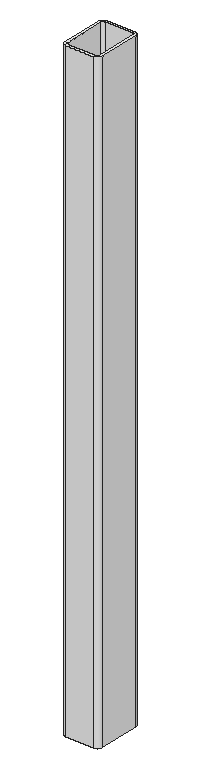
Revit family "M_HSS Retangular-Coluna", category Pilares estruturais, Revit 2019
Family settings
  Forma do corte = HSS retangular
  Material para o comportamento do modelo = Aço
  Exportar sempre como geometria = Não
  Redução da viga na planta = Da caixa de vinculação
  Family Name Key = M_HSS Rectangular-Column
  Nome do código = AISC 14.1
  Número OmniClass = 23.25.30.11.14.11
  Título OmniClass = Columns
  ID de item do Seek = HSS-Square-Column-0000-CAN-ENU
  Corte com vazios quando carregada = Não
  Representação simbólica = Das configurações de projeto
  Compartilhado = Não
  Exibir o pré-corte da família na vista da planta = Sim
Parameters (values of type "HSS203.2X152.4X9.5")
  Largura = 152.00 mm
  Espessura nominal da parede = 9.53 mm
  Espessura da parede do projeto = 8.86 mm
  Momento de inércia de torção = 41600000.00 mm4
  Módulo de torção = 492000.0 mm³
  Structural Material [instance] = Aço, 45-345
  Section Name Key = ""
  Área de corte = 5790.0 mm²
  Eixo fraco do módulo plástico = 324000.0 mm³
  Eixo forte do módulo plástico = 395000.0 mm³
  Concordância externa = 19.06 mm
  Peso nominal = 48.40 kgf/m
  Eixo fraco do momento de inércia = 21100000.00 mm4
  Eixo forte do momento de inércia = 32900000.00 mm4
  Concordância interna = 9.53 mm
  Altura = 203.00 mm
  Eixo fraco do módulo de elasticidade = 277000.0 mm³
  Eixo forte do módulo de elasticidade = 324000.0 mm³
  Centróide vertical = Altura / 2  # 101.50 mm
  Centróide horizontal = Largura / 2  # 76.00 mm
  Assembly Code = ""
  t = 9.53 mm
Reference planes
  plane 1 "Centro (Frente/Trás)": y = 0
  plane 2: z = 0
  plane 3 "Centro (Esquerda/Direita)": x = 0
  plane 4: x = -76
  plane 5: x = 76
  plane 6: y = 101.5
  plane 7: y = -101.5
  plane 8: y = 91.97
  plane 9: y = -91.97
  plane 10: x = -66.47
  plane 11: x = 66.47
Forms (mm)
  Extrusion 1, solid, material "Aço, 45-345" <- "Structural Material", detail levels medium
    sketch origin (0, 0, 0) x (1, 0, 0) y (0, 1, 0)
      loop
        line (-76, 101.5) -> (-76, -101.5) -> (76, -101.5) -> (76, 101.5) -> (-76, 101.5)
      loop
        line (-66.47, 91.97) -> (-66.47, -91.97) -> (66.47, -91.97) -> (66.47, 91.97) -> (-66.47, 91.97)
    from 0 to 2500
  Extrusion 2, solid, material "Aço, 45-345" <- "Structural Material", detail levels fine
    sketch origin (0, 0, 0) x (1, 0, 0) y (0, 1, 0)
      loop
        arc (-56.94, 101.5) -> (-70.417, 95.917) -> (-76, 82.44) r 19.06
        line (-76, 82.44) -> (-76, -82.44)
        arc (-76, -82.44) -> (-70.417, -95.917) -> (-56.94, -101.5) r 19.06
        line (-56.94, -101.5) -> (56.94, -101.5)
        arc (56.94, -101.5) -> (70.417, -95.917) -> (76, -82.44) r 19.06
        line (76, -82.44) -> (76, 82.44)
        arc (76, 82.44) -> (70.417, 95.917) -> (56.94, 101.5) r 19.06
        line (56.94, 101.5) -> (-56.94, 101.5)
      loop
        arc (-56.94, 91.97) -> (-63.679, 89.179) -> (-66.47, 82.44) r 9.53
        line (-66.47, 82.44) -> (-66.47, -82.44)
        arc (-66.47, -82.44) -> (-63.679, -89.179) -> (-56.94, -91.97) r 9.53
        line (-56.94, -91.97) -> (56.94, -91.97)
        arc (56.94, -91.97) -> (63.679, -89.179) -> (66.47, -82.44) r 9.53
        line (66.47, -82.44) -> (66.47, 82.44)
        arc (66.47, 82.44) -> (63.679, 89.179) -> (56.94, 91.97) r 9.53
        line (56.94, 91.97) -> (-56.94, 91.97)
    from 0 to 2500
Lines and regions (mm)
  symbolic lines, style "StructuralColumnStickSymbols", detail levels coarse
    curve 1: line (-76, 101.5, 0) -> (76, 101.5, 0)
    curve 2: line (-76, -101.5, 0) -> (76, -101.5, 0)
    curve 5: line (-76, 101.5, 0) -> (-76, -101.5, 0)
    curve 6: line (76, 101.5, 0) -> (76, -101.5, 0)
  symbolic lines, style "Faces ocultas", detail levels medium+fine
    curve 3: line (-66.47, 0, 0) -> (-66.47, 0, 2500)
    curve 4: line (66.47, 0, 2500) -> (66.47, 0, 0)
    curve 7: line (0, 91.97, 0) -> (0, 91.97, 2500)
    curve 8: line (0, -91.97, 0) -> (0, -91.97, 2500)
Dimensions and locks
  equal spacing: plane 4, plane 3 "Centro (Esquerda/Direita)", plane 5
  equal spacing: plane 7, plane 1 "Centro (Frente/Trás)", plane 6
  "Altura": plane 7 to plane 6
  "Largura": plane 4 to plane 5
  "Espessura nominal da parede": plane 6 to plane 8
  "Espessura nominal da parede": plane 4 to plane 10
  "Espessura nominal da parede": plane 11 to plane 5
  "Espessura nominal da parede": plane 9 to plane 7
  "Concordância externa": radius of Extrusion 2 sketch curve  (x4)
  "Concordância interna": radius of Extrusion 2 sketch curve  (x4)
  aligned and locked: plane 6 to Extrusion 1 sketch curve
  aligned and locked: Extrusion 1 sketch curve to plane 7
  aligned and locked: Extrusion 1 sketch curve to plane 4
  aligned and locked: plane 5 to Extrusion 1 sketch curve
  aligned and locked: level to Extrusion 1
  aligned and locked: level to plane 2
  aligned and locked: Extrusion 1 to plane 2
  aligned and locked: Extrusion 2 sketch curve to Extrusion 1
  aligned and locked: level to Extrusion 2
  aligned and locked: plane 10 to Extrusion 2 sketch curve
  aligned and locked: Extrusion 2 sketch curve to plane 4
  aligned and locked: Extrusion 2 sketch curve to plane 8
  aligned and locked: Extrusion 2 sketch curve to plane 11
  aligned and locked: plane 9 to Extrusion 2 sketch curve
  aligned and locked: Extrusion 2 sketch curve to plane 7
  aligned and locked: plane 9 to Extrusion 1 sketch curve
  aligned and locked: Extrusion 1 sketch curve to plane 11
  aligned and locked: Extrusion 1 sketch curve to plane 8
  aligned and locked: plane 10 to Extrusion 1 sketch curve
  aligned and locked: plane 5 to curve 6
  aligned and locked: plane 7 to curve 2
  aligned and locked: plane 4 to curve 5
  aligned and locked: plane 6 to curve 1
  aligned and locked: plane 6 to Extrusion 2 sketch curve
  aligned and locked: curve 7 to plane 8
  aligned and locked: curve 8 to plane 9
  aligned and locked: plane 10 to Extrusion 1
  aligned and locked: curve 4 to plane 11
  aligned and locked: plane 10 to curve 3
Automatic sketch dimensions
  curve 3 to level = 0.00 mm  (x2)
  curve 4 to level = 0.00 mm  (x2)
  curve 8 to level = 0.00 mm  (x2)
  curve 7 to level = 0.00 mm  (x2)
Types in the file's own list only (275): name | Largura | Espessura nominal da parede | Espessura da parede do projeto | Momento de inércia de torção | Módulo de torção | Chave do nome do corte | Área de corte | Eixo fraco do módulo plástico | Eixo forte do módulo plástico | Concordância externa | Peso nominal | Eixo fraco do momento de inércia | Eixo forte do momento de inércia | Concordância interna | Altura | Eixo fraco do módulo de elasticidade | Eixo forte do módulo de elasticidade | Centróide vertical | Centróide horizontal
  HSS508X304.8X15.9 | 305.00 mm | 15.90 mm | 14.80 mm | 787000000.00 mm4 | 68989539440.0 mm³ | HSS 20X12X5/8 | 22600.0 mm² | 2650000.0 mm³ | 3770000.0 mm³ | 31.80 mm | 189.00 kgf/m | 354000000.00 mm4 | 783000000.00 mm4 | 15.90 mm | 508.00 mm | 2330000.0 mm³ | 3080000.0 mm³ | 254.00 mm | 152.50 mm
  HSS508X304.8X12.7 | 305.00 mm | 12.70 mm | 11.80 mm | 641000000.00 mm4 | 56043758880.0 mm³ | HSS 20X12X1/2 | 18300.0 mm² | 2160000.0 mm³ | 3080000.0 mm³ | 25.40 mm | 153.00 kgf/m | 293000000.00 mm4 | 645000000.00 mm4 | 12.70 mm | 508.00 mm | 1920000.0 mm³ | 2540000.0 mm³ | 254.00 mm | 152.50 mm
  HSS508X304.8X9.5 | 305.00 mm | 9.53 mm | 8.86 mm | 491000000.00 mm4 | 42934107680.0 mm³ | HSS 20X12X3/8 | 13900.0 mm² | 1670000.0 mm³ | 2360000.0 mm³ | 19.06 mm | 117.00 kgf/m | 228000000.00 mm4 | 499000000.00 mm4 | 9.53 mm | 508.00 mm | 1490000.0 mm³ | 1970000.0 mm³ | 254.00 mm | 152.50 mm
  HSS508X304.8X7.9 | 305.00 mm | 7.94 mm | 7.39 mm | 415000000.00 mm4 | 36051540800.0 mm³ | HSS 20X12X5/16 | 11700.0 mm² | 1410000.0 mm³ | 2000000.0 mm³ | 15.88 mm | 97.90 kgf/m | 193000000.00 mm4 | 420000000.00 mm4 | 7.94 mm | 508.00 mm | 1270000.0 mm³ | 1660000.0 mm³ | 254.00 mm | 152.50 mm
  HSS508X203.2X15.9 | 203.00 mm | 15.90 mm | 14.80 mm | 381000000.00 mm4 | 44900555360.0 mm³ | HSS 20X8X5/8 | 19500.0 mm² | 1580000.0 mm³ | 3030000.0 mm³ | 31.80 mm | 164.00 kgf/m | 141000000.00 mm4 | 599000000.00 mm4 | 15.90 mm | 508.00 mm | 1390000.0 mm³ | 2360000.0 mm³ | 254.00 mm | 101.50 mm
  HSS508X203.2X12.7 | 203.00 mm | 12.70 mm | 11.80 mm | 315000000.00 mm4 | 36870894000.0 mm³ | HSS 20X8X1/2 | 15900.0 mm² | 1300000.0 mm³ | 2490000.0 mm³ | 25.40 mm | 133.00 kgf/m | 118000000.00 mm4 | 495000000.00 mm4 | 12.70 mm | 508.00 mm | 1160000.0 mm³ | 1950000.0 mm³ | 254.00 mm | 101.50 mm
  HSS508X203.2X9.5 | 203.00 mm | 9.53 mm | 8.86 mm | 244000000.00 mm4 | 28185750080.0 mm³ | HSS 20X8X3/8 | 12100.0 mm² | 1010000.0 mm³ | 1920000.0 mm³ | 19.06 mm | 102.00 kgf/m | 92400000.00 mm4 | 385000000.00 mm4 | 9.53 mm | 508.00 mm | 911000.0 mm³ | 1520000.0 mm³ | 254.00 mm | 101.50 mm
  HSS508X203.2X7.9 | 203.00 mm | 7.94 mm | 7.39 mm | 206000000.00 mm4 | 23761242800.0 mm³ | HSS 20X8X5/16 | 10100.0 mm² | 852000.0 mm³ | 1620000.0 mm³ | 15.88 mm | 85.30 kgf/m | 78700000.00 mm4 | 327000000.00 mm4 | 7.94 mm | 508.00 mm | 777000.0 mm³ | 1290000.0 mm³ | 254.00 mm | 101.50 mm
  HSS508X101.6X12.7 | 102.00 mm | 12.70 mm | 11.80 mm | 81200000.00 mm4 | 17206417200.0 mm³ | HSS 20X4X1/2 | 13500.0 mm² | 557000.0 mm³ | 1880000.0 mm³ | 25.40 mm | 113.00 kgf/m | 24400000.00 mm4 | 349000000.00 mm4 | 12.70 mm | 508.00 mm | 480000.0 mm³ | 1370000.0 mm³ | 254.00 mm | 51.00 mm
  HSS508X101.6X9.5 | 102.00 mm | 9.53 mm | 8.86 mm | 64900000.00 mm4 | 13404618352.0 mm³ | HSS 20X4X3/8 | 10300.0 mm² | 439000.0 mm³ | 1460000.0 mm³ | 19.06 mm | 86.40 kgf/m | 19800000.00 mm4 | 273000000.00 mm4 | 9.53 mm | 508.00 mm | 390000.0 mm³ | 1080000.0 mm³ | 254.00 mm | 51.00 mm
  HSS508X101.6X7.9 | 102.00 mm | 7.94 mm | 7.39 mm | 55800000.00 mm4 | 11389009480.0 mm³ | HSS 20X4X5/16 | 8650.0 mm² | 375000.0 mm³ | 1240000.0 mm³ | 15.88 mm | 72.70 kgf/m | 17100000.00 mm4 | 233000000.00 mm4 | 7.94 mm | 508.00 mm | 338000.0 mm³ | 918000.0 mm³ | 254.00 mm | 51.00 mm
  HSS508X101.6X6.4 | 102.00 mm | 6.35 mm | 5.92 mm | 46200000.00 mm4 | 9324239416.0 mm³ | HSS 20X4X1/4 | 6970.0 mm² | 306000.0 mm³ | 1010000.0 mm³ | 12.70 mm | 58.70 kgf/m | 14300000.00 mm4 | 191000000.00 mm4 | 6.35 mm | 508.00 mm | 280000.0 mm³ | 751000.0 mm³ | 254.00 mm | 51.00 mm
  HSS457.2X152.4X15.9 | 152.00 mm | 15.90 mm | 14.80 mm | 192000000.00 mm4 | 29332844560.0 mm³ | HSS 18X6X5/8 | 16600.0 mm² | 1000000.0 mm³ | 2210000.0 mm³ | 31.80 mm | 139.00 kgf/m | 65800000.00 mm4 | 384000000.00 mm4 | 15.90 mm | 457.00 mm | 864000.0 mm³ | 1690000.0 mm³ | 228.50 mm | 76.00 mm
  HSS457.2X152.4X12.7 | 152.00 mm | 12.70 mm | 11.80 mm | 161000000.00 mm4 | 24088984080.0 mm³ | HSS 18X6X1/2 | 13500.0 mm² | 831000.0 mm³ | 1840000.0 mm³ | 25.40 mm | 113.00 kgf/m | 55800000.00 mm4 | 320000000.00 mm4 | 12.70 mm | 457.00 mm | 731000.0 mm³ | 1400000.0 mm³ | 228.50 mm | 76.00 mm
  HSS457.2X152.4X9.5 | 152.00 mm | 9.53 mm | 8.86 mm | 126000000.00 mm4 | 18681252960.0 mm³ | HSS 18X6X3/8 | 10300.0 mm² | 647000.0 mm³ | 1420000.0 mm³ | 19.06 mm | 86.40 kgf/m | 44100000.00 mm4 | 251000000.00 mm4 | 9.53 mm | 457.00 mm | 582000.0 mm³ | 1100000.0 mm³ | 228.50 mm | 76.00 mm
  HSS457.2X152.4X7.9 | 152.00 mm | 7.94 mm | 7.39 mm | 107000000.00 mm4 | 15764355568.0 mm³ | HSS 18X6X5/16 | 8650.0 mm² | 549000.0 mm³ | 1200000.0 mm³ | 15.88 mm | 72.70 kgf/m | 38000000.00 mm4 | 214000000.00 mm4 | 7.94 mm | 457.00 mm | 498000.0 mm³ | 934000.0 mm³ | 228.50 mm | 76.00 mm
  HSS457.2X152.4X6.4 | 152.00 mm | 6.35 mm | 5.92 mm | 87400000.00 mm4 | 12814684048.0 mm³ | HSS 18X6X1/4 | 6970.0 mm² | 447000.0 mm³ | 973000.0 mm³ | 12.70 mm | 58.70 kgf/m | 31300000.00 mm4 | 174000000.00 mm4 | 6.35 mm | 457.00 mm | 410000.0 mm³ | 762000.0 mm³ | 228.50 mm | 76.00 mm
  HSS406.4X304.8X15.9 | 305.00 mm | 15.90 mm | 14.80 mm | 570000000.00 mm4 | 54732793760.0 mm³ | HSS 16X12X5/8 | 19500.0 mm² | 2210000.0 mm³ | 2700000.0 mm³ | 31.80 mm | 164.00 kgf/m | 291000000.00 mm4 | 454000000.00 mm4 | 15.90 mm | 406.00 mm | 1920000.0 mm³ | 2230000.0 mm³ | 203.00 mm | 152.50 mm
  HSS406.4X304.8X12.7 | 305.00 mm | 12.70 mm | 11.80 mm | 466000000.00 mm4 | 44572814080.0 mm³ | HSS 16X12X1/2 | 15900.0 mm² | 1820000.0 mm³ | 2210000.0 mm³ | 25.40 mm | 133.00 kgf/m | 242000000.00 mm4 | 376000000.00 mm4 | 12.70 mm | 406.00 mm | 1590000.0 mm³ | 1850000.0 mm³ | 203.00 mm | 152.50 mm
  HSS406.4X304.8X9.5 | 305.00 mm | 9.53 mm | 8.86 mm | 359000000.00 mm4 | 34085093120.0 mm³ | HSS 16X12X3/8 | 12100.0 mm² | 1400000.0 mm³ | 1700000.0 mm³ | 19.06 mm | 102.00 kgf/m | 188000000.00 mm4 | 292000000.00 mm4 | 9.53 mm | 406.00 mm | 1230000.0 mm³ | 1440000.0 mm³ | 203.00 mm | 152.50 mm
  HSS406.4X304.8X7.9 | 305.00 mm | 7.94 mm | 7.39 mm | 303000000.00 mm4 | 28677362000.0 mm³ | HSS 16X12X5/16 | 10100.0 mm² | 1180000.0 mm³ | 1440000.0 mm³ | 15.88 mm | 85.40 kgf/m | 160000000.00 mm4 | 248000000.00 mm4 | 7.94 mm | 406.00 mm | 1050000.0 mm³ | 1220000.0 mm³ | 203.00 mm | 152.50 mm
  HSS406.4X203.2X15.9 | 203.00 mm | 15.90 mm | 14.80 mm | 283000000.00 mm4 | 35396058240.0 mm³ | HSS 16X8X5/8 | 16600.0 mm² | 1300000.0 mm³ | 2110000.0 mm³ | 31.80 mm | 139.00 kgf/m | 114000000.00 mm4 | 339000000.00 mm4 | 15.90 mm | 406.00 mm | 1120000.0 mm³ | 1670000.0 mm³ | 203.00 mm | 101.50 mm
  HSS406.4X203.2X12.7 | 203.00 mm | 12.70 mm | 11.80 mm | 234000000.00 mm4 | 29005103280.0 mm³ | HSS 16X8X1/2 | 13500.0 mm² | 1070000.0 mm³ | 1740000.0 mm³ | 25.40 mm | 113.00 kgf/m | 95700000.00 mm4 | 283000000.00 mm4 | 12.70 mm | 406.00 mm | 944000.0 mm³ | 1390000.0 mm³ | 203.00 mm | 101.50 mm
  HSS406.4X203.2X9.5 | 203.00 mm | 9.53 mm | 8.86 mm | 181000000.00 mm4 | 22450277680.0 mm³ | HSS 16X8X3/8 | 10300.0 mm² | 832000.0 mm³ | 1350000.0 mm³ | 19.06 mm | 86.40 kgf/m | 75300000.00 mm4 | 221000000.00 mm4 | 9.53 mm | 406.00 mm | 742000.0 mm³ | 1090000.0 mm³ | 203.00 mm | 101.50 mm
  HSS406.4X203.2X7.9 | 203.00 mm | 7.94 mm | 7.39 mm | 154000000.00 mm4 | 18845123600.0 mm³ | HSS 16X8X5/16 | 8650.0 mm² | 705000.0 mm³ | 1140000.0 mm³ | 15.88 mm | 72.70 kgf/m | 64500000.00 mm4 | 188000000.00 mm4 | 7.94 mm | 406.00 mm | 634000.0 mm³ | 924000.0 mm³ | 203.00 mm | 101.50 mm
  HSS406.4X203.2X6.4 | 203.00 mm | 6.35 mm | 5.92 mm | 125000000.00 mm4 | 15305517776.0 mm³ | HSS 16X8X1/4 | 6970.0 mm² | 574000.0 mm³ | 924000.0 mm³ | 12.70 mm | 58.70 kgf/m | 52900000.00 mm4 | 153000000.00 mm4 | 6.35 mm | 406.00 mm | 519000.0 mm³ | 755000.0 mm³ | 203.00 mm | 101.50 mm
  HSS406.4X101.6X15.9 | 102.00 mm | 15.90 mm | 14.80 mm | 72400000.00 mm4 | 16239580424.0 mm³ | HSS 16X4X5/8 | 13500.0 mm² | 533000.0 mm³ | 1520000.0 mm³ | 31.80 mm | 113.00 kgf/m | 22500000.00 mm4 | 224000000.00 mm4 | 15.90 mm | 406.00 mm | 442000.0 mm³ | 1100000.0 mm³ | 203.00 mm | 51.00 mm
  HSS406.4X101.6X12.7 | 102.00 mm | 12.70 mm | 11.80 mm | 62400000.00 mm4 | 13617650184.0 mm³ | HSS 16X4X1/2 | 11100.0 mm² | 449000.0 mm³ | 1270000.0 mm³ | 25.40 mm | 92.70 kgf/m | 19600000.00 mm4 | 189000000.00 mm4 | 12.70 mm | 406.00 mm | 385000.0 mm³ | 932000.0 mm³ | 203.00 mm | 51.00 mm
  HSS406.4X101.6X9.5 | 102.00 mm | 9.53 mm | 8.86 mm | 49900000.00 mm4 | 10667978664.0 mm³ | HSS 16X4X3/8 | 8520.0 mm² | 356000.0 mm³ | 987000.0 mm³ | 19.06 mm | 71.20 kgf/m | 15900000.00 mm4 | 150000000.00 mm4 | 9.53 mm | 406.00 mm | 313000.0 mm³ | 737000.0 mm³ | 203.00 mm | 51.00 mm
  HSS406.4X101.6X7.9 | 102.00 mm | 7.94 mm | 7.39 mm | 42900000.00 mm4 | 9078433456.0 mm³ | HSS 16X4X5/16 | 7160.0 mm² | 303000.0 mm³ | 837000.0 mm³ | 15.88 mm | 60.00 kgf/m | 13800000.00 mm4 | 128000000.00 mm4 | 7.94 mm | 406.00 mm | 272000.0 mm³ | 631000.0 mm³ | 203.00 mm | 51.00 mm
  HSS406.4X101.6X6.4 | 102.00 mm | 6.35 mm | 5.92 mm | 35500000.00 mm4 | 7406952928.0 mm³ | HSS 16X4X1/4 | 5780.0 mm² | 249000.0 mm³ | 683000.0 mm³ | 12.70 mm | 48.60 kgf/m | 11500000.00 mm4 | 105000000.00 mm4 | 6.35 mm | 406.00 mm | 226000.0 mm³ | 518000.0 mm³ | 203.00 mm | 51.00 mm
  HSS406.4X101.6X4.8 | 102.00 mm | 4.76 mm | 4.42 mm | 27300000.00 mm4 | 5669924144.0 mm³ | HSS 16X4X3/16 | 4360.0 mm² | 192000.0 mm³ | 519000.0 mm³ | 9.52 mm | 36.70 kgf/m | 8950000.00 mm4 | 80300000.00 mm4 | 4.76 mm | 406.00 mm | 177000.0 mm³ | 397000.0 mm³ | 203.00 mm | 51.00 mm
  HSS355.6X254X15.9 | 254.00 mm | 15.90 mm | 14.80 mm | 346000000.00 mm4 | 39165082960.0 mm³ | HSS 14X10X5/8 | 16600.0 mm² | 1560000.0 mm³ | 1970000.0 mm³ | 31.80 mm | 139.00 kgf/m | 169000000.00 mm4 | 286000000.00 mm4 | 15.90 mm | 356.00 mm | 1340000.0 mm³ | 1610000.0 mm³ | 178.00 mm | 127.00 mm
  HSS355.6X254X12.7 | 254.00 mm | 12.70 mm | 11.80 mm | 285000000.00 mm4 | 32282516080.0 mm³ | HSS 14X10X1/2 | 13500.0 mm² | 1290000.0 mm³ | 1620000.0 mm³ | 25.40 mm | 113.00 kgf/m | 142000000.00 mm4 | 239000000.00 mm4 | 12.70 mm | 356.00 mm | 1120000.0 mm³ | 1340000.0 mm³ | 178.00 mm | 127.00 mm
  HSS355.6X254X9.5 | 254.00 mm | 9.53 mm | 8.86 mm | 220000000.00 mm4 | 24580596000.0 mm³ | HSS 14X10X3/8 | 10300.0 mm² | 995000.0 mm³ | 1250000.0 mm³ | 19.06 mm | 86.40 kgf/m | 111000000.00 mm4 | 186000000.00 mm4 | 9.53 mm | 356.00 mm | 875000.0 mm³ | 1050000.0 mm³ | 178.00 mm | 127.00 mm
  HSS355.6X254X7.9 | 254.00 mm | 7.94 mm | 7.39 mm | 186000000.00 mm4 | 20811571280.0 mm³ | HSS 14X10X5/16 | 8650.0 mm² | 842000.0 mm³ | 1060000.0 mm³ | 15.88 mm | 72.70 kgf/m | 94500000.00 mm4 | 158000000.00 mm4 | 7.94 mm | 356.00 mm | 746000.0 mm³ | 890000.0 mm³ | 178.00 mm | 127.00 mm
  HSS355.6X254X6.4 | 254.00 mm | 6.35 mm | 5.92 mm | 151000000.00 mm4 | 16878675920.0 mm³ | HSS 14X10X1/4 | 6970.0 mm² | 685000.0 mm³ | 859000.0 mm³ | 12.70 mm | 58.70 kgf/m | 77400000.00 mm4 | 129000000.00 mm4 | 6.35 mm | 356.00 mm | 610000.0 mm³ | 726000.0 mm³ | 178.00 mm | 127.00 mm
  HSS355.6X152.4X15.9 | 152.00 mm | 15.90 mm | 14.80 mm | 139000000.00 mm4 | 22450277680.0 mm³ | HSS 14X6X5/8 | 13500.0 mm² | 793000.0 mm³ | 1450000.0 mm³ | 31.80 mm | 113.00 kgf/m | 51600000.00 mm4 | 199000000.00 mm4 | 15.90 mm | 356.00 mm | 675000.0 mm³ | 1120000.0 mm³ | 178.00 mm | 76.00 mm
  HSS355.6X152.4X12.7 | 152.00 mm | 12.70 mm | 11.80 mm | 116000000.00 mm4 | 18681252960.0 mm³ | HSS 14X6X1/2 | 11100.0 mm² | 662000.0 mm³ | 1210000.0 mm³ | 25.40 mm | 92.70 kgf/m | 43700000.00 mm4 | 167000000.00 mm4 | 12.70 mm | 356.00 mm | 575000.0 mm³ | 941000.0 mm³ | 178.00 mm | 76.00 mm
  HSS355.6X152.4X9.5 | 152.00 mm | 9.53 mm | 8.86 mm | 91200000.00 mm4 | 14420616320.0 mm³ | HSS 14X6X3/8 | 8520.0 mm² | 518000.0 mm³ | 939000.0 mm³ | 19.06 mm | 71.20 kgf/m | 35000000.00 mm4 | 132000000.00 mm4 | 9.53 mm | 356.00 mm | 459000.0 mm³ | 742000.0 mm³ | 178.00 mm | 76.00 mm
  HSS355.6X152.4X7.9 | 152.00 mm | 7.94 mm | 7.39 mm | 77400000.00 mm4 | 12224749744.0 mm³ | HSS 14X6X5/16 | 7160.0 mm² | 441000.0 mm³ | 796000.0 mm³ | 15.88 mm | 60.00 kgf/m | 30100000.00 mm4 | 113000000.00 mm4 | 7.94 mm | 356.00 mm | 395000.0 mm³ | 634000.0 mm³ | 178.00 mm | 76.00 mm
  HSS355.6X152.4X6.4 | 152.00 mm | 6.35 mm | 5.92 mm | 63300000.00 mm4 | 9914173720.0 mm³ | HSS 14X6X1/4 | 5780.0 mm² | 361000.0 mm³ | 649000.0 mm³ | 12.70 mm | 48.60 kgf/m | 24800000.00 mm4 | 92400000.00 mm4 | 6.35 mm | 356.00 mm | 326000.0 mm³ | 519000.0 mm³ | 178.00 mm | 76.00 mm
  HSS355.6X152.4X4.8 | 152.00 mm | 4.76 mm | 4.42 mm | 48300000.00 mm4 | 7521662376.0 mm³ | HSS 14X6X3/16 | 4360.0 mm² | 274000.0 mm³ | 493000.0 mm³ | 9.52 mm | 36.70 kgf/m | 19100000.00 mm4 | 70800000.00 mm4 | 4.76 mm | 356.00 mm | 251000.0 mm³ | 398000.0 mm³ | 178.00 mm | 76.00 mm
  HSS355.6X101.6X15.9 | 102.00 mm | 15.90 mm | 14.80 mm | 61600000.00 mm4 | 14125649168.0 mm³ | HSS 14X4X5/8 | 12100.0 mm² | 467000.0 mm³ | 1200000.0 mm³ | 31.80 mm | 101.00 kgf/m | 19600000.00 mm4 | 155000000.00 mm4 | 15.90 mm | 356.00 mm | 387000.0 mm³ | 873000.0 mm³ | 178.00 mm | 51.00 mm
  HSS355.6X101.6X12.7 | 102.00 mm | 12.70 mm | 11.80 mm | 52900000.00 mm4 | 11847847272.0 mm³ | HSS 14X4X1/2 | 9870.0 mm² | 395000.0 mm³ | 1000000.0 mm³ | 25.40 mm | 82.60 kgf/m | 17100000.00 mm4 | 132000000.00 mm4 | 12.70 mm | 356.00 mm | 338000.0 mm³ | 742000.0 mm³ | 178.00 mm | 51.00 mm
  HSS355.6X101.6X9.5 | 102.00 mm | 9.53 mm | 8.86 mm | 42500000.00 mm4 | 9291465288.0 mm³ | HSS 14X4X3/8 | 7610.0 mm² | 313000.0 mm³ | 783000.0 mm³ | 19.06 mm | 63.60 kgf/m | 14000000.00 mm4 | 105000000.00 mm4 | 9.53 mm | 356.00 mm | 275000.0 mm³ | 590000.0 mm³ | 178.00 mm | 51.00 mm
  HSS355.6X101.6X7.9 | 102.00 mm | 7.94 mm | 7.39 mm | 36500000.00 mm4 | 7914951912.0 mm³ | HSS 14X4X5/16 | 6400.0 mm² | 269000.0 mm³ | 665000.0 mm³ | 15.88 mm | 53.70 kgf/m | 12200000.00 mm4 | 89900000.00 mm4 | 7.94 mm | 356.00 mm | 239000.0 mm³ | 506000.0 mm³ | 178.00 mm | 51.00 mm
  HSS355.6X101.6X6.4 | 102.00 mm | 6.35 mm | 5.92 mm | 30100000.00 mm4 | 6472890280.0 mm³ | HSS 14X4X1/4 | 5180.0 mm² | 221000.0 mm³ | 544000.0 mm³ | 12.70 mm | 43.50 kgf/m | 10200000.00 mm4 | 74100000.00 mm4 | 6.35 mm | 356.00 mm | 200000.0 mm³ | 416000.0 mm³ | 178.00 mm | 51.00 mm
  HSS355.6X101.6X4.8 | 102.00 mm | 4.76 mm | 4.42 mm | 23200000.00 mm4 | 4948893328.0 mm³ | HSS 14X4X3/16 | 3910.0 mm² | 169000.0 mm³ | 415000.0 mm³ | 9.52 mm | 32.90 kgf/m | 7910000.00 mm4 | 57000000.00 mm4 | 4.76 mm | 356.00 mm | 155000.0 mm³ | 320000.0 mm³ | 178.00 mm | 51.00 mm
  HSS304.8X254X12.7 | 254.00 mm | 12.70 mm | 11.80 mm | 227000000.00 mm4 | 27366396880.0 mm³ | HSS 12X10X1/2 | 12300.0 mm² | 1140000.0 mm³ | 1290000.0 mm³ | 25.40 mm | 103.00 kgf/m | 124000000.00 mm4 | 164000000.00 mm4 | 12.70 mm | 305.00 mm | 978000.0 mm³ | 1080000.0 mm³ | 152.50 mm | 127.00 mm
  HSS304.8X254X9.5 | 254.00 mm | 9.53 mm | 8.86 mm | 175000000.00 mm4 | 20975441920.0 mm³ | HSS 12X10X3/8 | 9420.0 mm² | 885000.0 mm³ | 1000000.0 mm³ | 19.06 mm | 78.80 kgf/m | 97400000.00 mm4 | 129000000.00 mm4 | 9.53 mm | 305.00 mm | 769000.0 mm³ | 846000.0 mm³ | 152.50 mm | 127.00 mm
  HSS304.8X254X7.9 | 254.00 mm | 7.94 mm | 7.39 mm | 148000000.00 mm4 | 17698029120.0 mm³ | HSS 12X10X5/16 | 7870.0 mm² | 749000.0 mm³ | 847000.0 mm³ | 15.88 mm | 66.40 kgf/m | 83200000.00 mm4 | 110000000.00 mm4 | 7.94 mm | 305.00 mm | 655000.0 mm³ | 721000.0 mm³ | 152.50 mm | 127.00 mm
  HSS304.8X254X6.4 | 254.00 mm | 6.35 mm | 5.92 mm | 120000000.00 mm4 | 14371455128.0 mm³ | HSS 12X10X1/4 | 6390.0 mm² | 610000.0 mm³ | 690000.0 mm³ | 12.70 mm | 53.60 kgf/m | 68300000.00 mm4 | 89900000.00 mm4 | 6.35 mm | 305.00 mm | 536000.0 mm³ | 590000.0 mm³ | 152.50 mm | 127.00 mm
  HSS304.8X203.2X15.9 | 203.00 mm | 15.90 mm | 14.80 mm | 189000000.00 mm4 | 26219302400.0 mm³ | HSS 12X8X5/8 | 13500.0 mm² | 1010000.0 mm³ | 1350000.0 mm³ | 31.80 mm | 113.00 kgf/m | 87400000.00 mm4 | 165000000.00 mm4 | 15.90 mm | 305.00 mm | 860000.0 mm³ | 1080000.0 mm³ | 152.50 mm | 101.50 mm
  HSS304.8X203.2X12.7 | 203.00 mm | 12.70 mm | 11.80 mm | 157000000.00 mm4 | 21630924480.0 mm³ | HSS 12X8X1/2 | 11100.0 mm² | 844000.0 mm³ | 1120000.0 mm³ | 25.40 mm | 92.70 kgf/m | 74100000.00 mm4 | 139000000.00 mm4 | 12.70 mm | 305.00 mm | 728000.0 mm³ | 911000.0 mm³ | 152.50 mm | 101.50 mm
  HSS304.8X203.2X9.5 | 203.00 mm | 9.53 mm | 8.86 mm | 122000000.00 mm4 | 16714805280.0 mm³ | HSS 12X8X3/8 | 8520.0 mm² | 657000.0 mm³ | 869000.0 mm³ | 19.06 mm | 71.20 kgf/m | 58300000.00 mm4 | 109000000.00 mm4 | 9.53 mm | 305.00 mm | 575000.0 mm³ | 716000.0 mm³ | 152.50 mm | 101.50 mm
  HSS304.8X203.2X7.9 | 203.00 mm | 7.94 mm | 7.39 mm | 103000000.00 mm4 | 14076487976.0 mm³ | HSS 12X8X5/16 | 7160.0 mm² | 559000.0 mm³ | 736000.0 mm³ | 15.88 mm | 60.10 kgf/m | 49900000.00 mm4 | 93200000.00 mm4 | 7.94 mm | 305.00 mm | 493000.0 mm³ | 613000.0 mm³ | 152.50 mm | 101.50 mm
  HSS304.8X203.2X6.4 | 203.00 mm | 6.35 mm | 5.92 mm | 84100000.00 mm4 | 11405396544.0 mm³ | HSS 12X8X1/4 | 5780.0 mm² | 456000.0 mm³ | 600000.0 mm³ | 12.70 mm | 48.50 kgf/m | 41100000.00 mm4 | 76600000.00 mm4 | 6.35 mm | 305.00 mm | 405000.0 mm³ | 501000.0 mm³ | 152.50 mm | 101.50 mm
  HSS304.8X203.2X4.8 | 203.00 mm | 4.77 mm | 4.42 mm | 63700000.00 mm4 | 8652369792.0 mm³ | HSS 12X8X3/16 | 4360.0 mm² | 346000.0 mm³ | 456000.0 mm³ | 9.54 mm | 36.90 kgf/m | 31500000.00 mm4 | 58300000.00 mm4 | 4.77 mm | 305.00 mm | 310000.0 mm³ | 383000.0 mm³ | 152.50 mm | 101.50 mm
  HSS304.8X152.4X15.9 | 152.00 mm | 15.90 mm | 14.80 mm | 113000000.00 mm4 | 19172864880.0 mm³ | HSS 12X6X5/8 | 12100.0 mm² | 690000.0 mm³ | 1130000.0 mm³ | 31.80 mm | 101.00 kgf/m | 44500000.00 mm4 | 134000000.00 mm4 | 15.90 mm | 305.00 mm | 582000.0 mm³ | 875000.0 mm³ | 152.50 mm | 76.00 mm
  HSS304.8X152.4X12.7 | 152.00 mm | 12.70 mm | 11.80 mm | 94500000.00 mm4 | 15846290888.0 mm³ | HSS 12X6X1/2 | 9870.0 mm² | 577000.0 mm³ | 941000.0 mm³ | 25.40 mm | 82.60 kgf/m | 37900000.00 mm4 | 113000000.00 mm4 | 12.70 mm | 305.00 mm | 498000.0 mm³ | 741000.0 mm³ | 152.50 mm | 76.00 mm
  HSS304.8X152.4X9.5 | 152.00 mm | 9.53 mm | 8.86 mm | 74100000.00 mm4 | 12306685064.0 mm³ | HSS 12X6X3/8 | 7610.0 mm² | 454000.0 mm³ | 734000.0 mm³ | 19.06 mm | 63.60 kgf/m | 30300000.00 mm4 | 89500000.00 mm4 | 9.53 mm | 305.00 mm | 398000.0 mm³ | 588000.0 mm³ | 152.50 mm | 76.00 mm
  HSS304.8X152.4X7.9 | 152.00 mm | 7.94 mm | 7.39 mm | 63300000.00 mm4 | 10422172704.0 mm³ | HSS 12X6X5/16 | 6400.0 mm² | 387000.0 mm³ | 624000.0 mm³ | 15.88 mm | 53.70 kgf/m | 26100000.00 mm4 | 76600000.00 mm4 | 7.94 mm | 305.00 mm | 342000.0 mm³ | 503000.0 mm³ | 152.50 mm | 76.00 mm
  HSS304.8X152.4X6.4 | 152.00 mm | 6.35 mm | 5.92 mm | 51600000.00 mm4 | 8488499152.0 mm³ | HSS 12X6X1/4 | 5180.0 mm² | 316000.0 mm³ | 510000.0 mm³ | 12.70 mm | 43.40 kgf/m | 21600000.00 mm4 | 62900000.00 mm4 | 6.35 mm | 305.00 mm | 283000.0 mm³ | 413000.0 mm³ | 152.50 mm | 76.00 mm
  HSS304.8X152.4X4.8 | 152.00 mm | 4.76 mm | 4.42 mm | 39400000.00 mm4 | 6440116152.0 mm³ | HSS 12X6X3/16 | 3910.0 mm² | 241000.0 mm³ | 388000.0 mm³ | 9.52 mm | 33.10 kgf/m | 16600000.00 mm4 | 48300000.00 mm4 | 4.76 mm | 305.00 mm | 218000.0 mm³ | 318000.0 mm³ | 152.50 mm | 76.00 mm
  HSS304.8X101.6X15.9 | 102.00 mm | 15.90 mm | 14.80 mm | 50800000.00 mm4 | 11978943784.0 mm³ | HSS 12X4X5/8 | 10600.0 mm² | 401000.0 mm³ | 909000.0 mm³ | 31.80 mm | 88.00 kgf/m | 16800000.00 mm4 | 102000000.00 mm4 | 15.90 mm | 305.00 mm | 331000.0 mm³ | 669000.0 mm³ | 152.50 mm | 51.00 mm
  HSS304.8X101.6X12.7 | 102.00 mm | 12.70 mm | 11.80 mm | 43700000.00 mm4 | 10078044360.0 mm³ | HSS 12X4X1/2 | 8710.0 mm² | 342000.0 mm³ | 765000.0 mm³ | 25.40 mm | 72.50 kgf/m | 14700000.00 mm4 | 87400000.00 mm4 | 12.70 mm | 305.00 mm | 290000.0 mm³ | 572000.0 mm³ | 152.50 mm | 51.00 mm
  HSS304.8X101.6X9.5 | 102.00 mm | 9.53 mm | 8.86 mm | 35000000.00 mm4 | 7914951912.0 mm³ | HSS 12X4X3/8 | 6710.0 mm² | 272000.0 mm³ | 601000.0 mm³ | 19.06 mm | 56.00 kgf/m | 12000000.00 mm4 | 69900000.00 mm4 | 9.53 mm | 305.00 mm | 238000.0 mm³ | 459000.0 mm³ | 152.50 mm | 51.00 mm
  HSS304.8X101.6X7.9 | 102.00 mm | 7.94 mm | 7.39 mm | 30100000.00 mm4 | 6767857432.0 mm³ | HSS 12X4X5/16 | 5650.0 mm² | 233000.0 mm³ | 513000.0 mm³ | 15.88 mm | 47.40 kgf/m | 10500000.00 mm4 | 59900000.00 mm4 | 7.94 mm | 305.00 mm | 206000.0 mm³ | 395000.0 mm³ | 152.50 mm | 51.00 mm
  HSS304.8X101.6X6.4 | 102.00 mm | 6.35 mm | 5.92 mm | 24900000.00 mm4 | 5538827632.0 mm³ | HSS 12X4X1/4 | 4580.0 mm² | 192000.0 mm³ | 420000.0 mm³ | 12.70 mm | 38.40 kgf/m | 8740000.00 mm4 | 49500000.00 mm4 | 6.35 mm | 305.00 mm | 172000.0 mm³ | 326000.0 mm³ | 152.50 mm | 51.00 mm
  HSS304.8X101.6X4.8 | 102.00 mm | 4.76 mm | 4.42 mm | 19200000.00 mm4 | 4211475448.0 mm³ | HSS 12X4X3/16 | 3460.0 mm² | 147000.0 mm³ | 321000.0 mm³ | 9.52 mm | 29.30 kgf/m | 6830000.00 mm4 | 38200000.00 mm4 | 4.76 mm | 305.00 mm | 134000.0 mm³ | 251000.0 mm³ | 152.50 mm | 51.00 mm
  HSS304.8X88.9X9.5 | 88.90 mm | 9.53 mm | 8.86 mm | 26900000.00 mm4 | 6849792752.0 mm³ | HSS 12X3 1/2X3/8 | 6450.0 mm² | 229000.0 mm³ | 569000.0 mm³ | 19.06 mm | 54.10 kgf/m | 8870000.00 mm4 | 64900000.00 mm4 | 9.53 mm | 305.00 mm | 200000.0 mm³ | 426000.0 mm³ | 152.50 mm | 44.45 mm
  HSS304.8X88.9X7.9 | 88.90 mm | 7.94 mm | 7.39 mm | 23300000.00 mm4 | 5850181848.0 mm³ | HSS 12X3 1/2X5/16 | 5460.0 mm² | 198000.0 mm³ | 485000.0 mm³ | 15.88 mm | 45.80 kgf/m | 7740000.00 mm4 | 55800000.00 mm4 | 7.94 mm | 305.00 mm | 174000.0 mm³ | 367000.0 mm³ | 152.50 mm | 44.45 mm
  HSS304.8X76.2X7.9 | 76.20 mm | 7.94 mm | 7.39 mm | 17200000.00 mm4 | 4948893328.0 mm³ | HSS 12X3X5/16 | 5270.0 mm² | 164000.0 mm³ | 457000.0 mm³ | 15.88 mm | 44.20 kgf/m | 5450000.00 mm4 | 51600000.00 mm4 | 7.94 mm | 305.00 mm | 143000.0 mm³ | 339000.0 mm³ | 152.50 mm | 38.10 mm
  HSS304.8X76.2X6.4 | 76.20 mm | 6.35 mm | 5.92 mm | 14400000.00 mm4 | 4047604808.0 mm³ | HSS 12X3X1/4 | 4280.0 mm² | 136000.0 mm³ | 375000.0 mm³ | 12.70 mm | 35.80 kgf/m | 4620000.00 mm4 | 42900000.00 mm4 | 6.35 mm | 305.00 mm | 121000.0 mm³ | 282000.0 mm³ | 152.50 mm | 38.10 mm
  HSS304.8X76.2X4.8 | 76.20 mm | 4.76 mm | 4.42 mm | 11200000.00 mm4 | 3113542160.0 mm³ | HSS 12X3X3/16 | 3240.0 mm² | 105000.0 mm³ | 287000.0 mm³ | 9.52 mm | 27.40 kgf/m | 3630000.00 mm4 | 33100000.00 mm4 | 4.76 mm | 305.00 mm | 95200.0 mm³ | 218000.0 mm³ | 152.50 mm | 38.10 mm
  HSS304.8X50.8X7.9 | 50.80 mm | 7.94 mm | 7.39 mm | 7330000.00 mm4 | 3113542160.0 mm³ | HSS 12X2X5/16 | 4900.0 mm² | 99100.0 mm³ | 401000.0 mm³ | 15.88 mm | 41.00 kgf/m | 2120000.00 mm4 | 43300000.00 mm4 | 7.94 mm | 305.00 mm | 83600.0 mm³ | 285000.0 mm³ | 152.50 mm | 25.40 mm
  HSS304.8X50.8X6.4 | 50.80 mm | 6.35 mm | 5.92 mm | 6290000.00 mm4 | 2589156112.0 mm³ | HSS 12X2X1/4 | 3980.0 mm² | 83200.0 mm³ | 329000.0 mm³ | 12.70 mm | 33.30 kgf/m | 1840000.00 mm4 | 36200000.00 mm4 | 6.35 mm | 305.00 mm | 72300.0 mm³ | 238000.0 mm³ | 152.50 mm | 25.40 mm
  HSS304.8X50.8X4.8 | 50.80 mm | 4.76 mm | 4.42 mm | 4990000.00 mm4 | 2015608872.0 mm³ | HSS 12X2X3/16 | 3010.0 mm² | 65100.0 mm³ | 254000.0 mm³ | 9.52 mm | 25.40 kgf/m | 1480000.00 mm4 | 28100000.00 mm4 | 4.76 mm | 305.00 mm | 58200.0 mm³ | 184000.0 mm³ | 152.50 mm | 25.40 mm
  HSS254X203.2X15.9 | 203.00 mm | 15.90 mm | 14.80 mm | 144000000.00 mm4 | 21630924480.0 mm³ | HSS 10X8X5/8 | 12100.0 mm² | 873000.0 mm³ | 1020000.0 mm³ | 31.80 mm | 101.00 kgf/m | 74100000.00 mm4 | 105000000.00 mm4 | 15.90 mm | 254.00 mm | 729000.0 mm³ | 828000.0 mm³ | 127.00 mm | 101.50 mm
  HSS254X203.2X12.7 | 203.00 mm | 12.70 mm | 11.80 mm | 120000000.00 mm4 | 17861899760.0 mm³ | HSS 10X8X1/2 | 9870.0 mm² | 729000.0 mm³ | 850000.0 mm³ | 25.40 mm | 82.60 kgf/m | 62900000.00 mm4 | 89100000.00 mm4 | 12.70 mm | 254.00 mm | 619000.0 mm³ | 700000.0 mm³ | 127.00 mm | 101.50 mm
  HSS254X203.2X9.5 | 203.00 mm | 9.53 mm | 8.86 mm | 93200000.00 mm4 | 13797907888.0 mm³ | HSS 10X8X3/8 | 7610.0 mm² | 570000.0 mm³ | 664000.0 mm³ | 19.06 mm | 63.60 kgf/m | 49900000.00 mm4 | 70300000.00 mm4 | 9.53 mm | 254.00 mm | 492000.0 mm³ | 556000.0 mm³ | 127.00 mm | 101.50 mm
  HSS254X203.2X7.9 | 203.00 mm | 7.94 mm | 7.39 mm | 79100000.00 mm4 | 11683976632.0 mm³ | HSS 10X8X5/16 | 6400.0 mm² | 485000.0 mm³ | 564000.0 mm³ | 15.88 mm | 53.70 kgf/m | 42900000.00 mm4 | 60400000.00 mm4 | 7.94 mm | 254.00 mm | 421000.0 mm³ | 475000.0 mm³ | 127.00 mm | 101.50 mm
  HSS254X203.2X6.4 | 203.00 mm | 6.35 mm | 5.92 mm | 64500000.00 mm4 | 9471722992.0 mm³ | HSS 10X8X1/4 | 5180.0 mm² | 397000.0 mm³ | 460000.0 mm³ | 12.70 mm | 43.40 kgf/m | 35300000.00 mm4 | 49500000.00 mm4 | 6.35 mm | 254.00 mm | 347000.0 mm³ | 390000.0 mm³ | 127.00 mm | 101.50 mm
  HSS254X203.2X4.8 | 203.00 mm | 4.76 mm | 4.42 mm | 49100000.00 mm4 | 7177534032.0 mm³ | HSS 10X8X3/16 | 3910.0 mm² | 302000.0 mm³ | 351000.0 mm³ | 9.52 mm | 33.10 kgf/m | 27100000.00 mm4 | 38000000.00 mm4 | 4.76 mm | 254.00 mm | 267000.0 mm³ | 300000.0 mm³ | 127.00 mm | 101.50 mm
  HSS254X152.4X15.9 | 152.00 mm | 15.90 mm | 14.80 mm | 87000000.00 mm4 | 15731581440.0 mm³ | HSS 10X6X5/8 | 10600.0 mm² | 587000.0 mm³ | 841000.0 mm³ | 31.80 mm | 88.00 kgf/m | 37200000.00 mm4 | 83700000.00 mm4 | 15.90 mm | 254.00 mm | 488000.0 mm³ | 659000.0 mm³ | 127.00 mm | 76.00 mm
  HSS254X152.4X12.7 | 152.00 mm | 12.70 mm | 11.80 mm | 73300000.00 mm4 | 13076877072.0 mm³ | HSS 10X6X1/2 | 8710.0 mm² | 493000.0 mm³ | 705000.0 mm³ | 25.40 mm | 72.50 kgf/m | 32000000.00 mm4 | 71200000.00 mm4 | 12.70 mm | 254.00 mm | 420000.0 mm³ | 562000.0 mm³ | 127.00 mm | 76.00 mm
  HSS254X152.4X9.5 | 152.00 mm | 9.53 mm | 8.86 mm | 57900000.00 mm4 | 10176366744.0 mm³ | HSS 10X6X3/8 | 6710.0 mm² | 388000.0 mm³ | 554000.0 mm³ | 19.06 mm | 56.00 kgf/m | 25700000.00 mm4 | 57000000.00 mm4 | 9.53 mm | 254.00 mm | 338000.0 mm³ | 449000.0 mm³ | 127.00 mm | 76.00 mm
  HSS254X152.4X7.9 | 152.00 mm | 7.94 mm | 7.39 mm | 49100000.00 mm4 | 8652369792.0 mm³ | HSS 10X6X5/16 | 5650.0 mm² | 331000.0 mm³ | 472000.0 mm³ | 15.88 mm | 47.40 kgf/m | 22200000.00 mm4 | 49100000.00 mm4 | 7.94 mm | 254.00 mm | 292000.0 mm³ | 385000.0 mm³ | 127.00 mm | 76.00 mm
  HSS254X152.4X6.4 | 152.00 mm | 6.35 mm | 5.92 mm | 40200000.00 mm4 | 7030050456.0 mm³ | HSS 10X6X1/4 | 4580.0 mm² | 272000.0 mm³ | 387000.0 mm³ | 12.70 mm | 38.40 kgf/m | 18400000.00 mm4 | 40300000.00 mm4 | 6.35 mm | 254.00 mm | 241000.0 mm³ | 318000.0 mm³ | 127.00 mm | 76.00 mm
  HSS254X152.4X4.8 | 152.00 mm | 4.76 mm | 4.42 mm | 30700000.00 mm4 | 5342182864.0 mm³ | HSS 10X6X3/16 | 3460.0 mm² | 208000.0 mm³ | 295000.0 mm³ | 9.52 mm | 29.30 kgf/m | 14200000.00 mm4 | 31100000.00 mm4 | 4.76 mm | 254.00 mm | 187000.0 mm³ | 244000.0 mm³ | 127.00 mm | 76.00 mm
  HSS254X127X9.5 | 127.00 mm | 9.53 mm | 8.86 mm | 41600000.00 mm4 | 8373789704.0 mm³ | HSS 10X5X3/8 | 6240.0 mm² | 306000.0 mm³ | 498000.0 mm³ | 19.06 mm | 52.20 kgf/m | 16900000.00 mm4 | 49900000.00 mm4 | 9.53 mm | 254.00 mm | 265000.0 mm³ | 395000.0 mm³ | 127.00 mm | 63.50 mm
  HSS254X127X7.9 | 127.00 mm | 7.94 mm | 7.39 mm | 35800000.00 mm4 | 7111985776.0 mm³ | HSS 10X5X5/16 | 5270.0 mm² | 262000.0 mm³ | 426000.0 mm³ | 15.88 mm | 44.20 kgf/m | 14700000.00 mm4 | 43300000.00 mm4 | 7.94 mm | 254.00 mm | 231000.0 mm³ | 341000.0 mm³ | 127.00 mm | 63.50 mm
  HSS254X127X6.4 | 127.00 mm | 6.35 mm | 5.92 mm | 29400000.00 mm4 | 5801020656.0 mm³ | HSS 10X5X1/4 | 4280.0 mm² | 216000.0 mm³ | 349000.0 mm³ | 12.70 mm | 35.80 kgf/m | 12200000.00 mm4 | 35700000.00 mm4 | 6.35 mm | 254.00 mm | 192000.0 mm³ | 282000.0 mm³ | 127.00 mm | 63.50 mm
  HSS254X127X4.8 | 127.00 mm | 4.76 mm | 4.42 mm | 22500000.00 mm4 | 4424507280.0 mm³ | HSS 10X5X3/16 | 3240.0 mm² | 166000.0 mm³ | 267000.0 mm³ | 9.52 mm | 27.40 kgf/m | 9450000.00 mm4 | 27600000.00 mm4 | 4.76 mm | 254.00 mm | 149000.0 mm³ | 216000.0 mm³ | 127.00 mm | 63.50 mm
  HSS254X101.6X15.9 | 102.00 mm | 15.90 mm | 14.80 mm | 39800000.00 mm4 | 9848625464.0 mm³ | HSS 10X4X5/8 | 9030.0 mm² | 338000.0 mm³ | 660000.0 mm³ | 31.80 mm | 75.30 kgf/m | 13900000.00 mm4 | 62000000.00 mm4 | 15.90 mm | 254.00 mm | 275000.0 mm³ | 490000.0 mm³ | 127.00 mm | 51.00 mm
  HSS254X101.6X12.7 | 102.00 mm | 12.70 mm | 11.80 mm | 34400000.00 mm4 | 8324628512.0 mm³ | HSS 10X4X1/2 | 7480.0 mm² | 288000.0 mm³ | 559000.0 mm³ | 25.40 mm | 62.40 kgf/m | 12300000.00 mm4 | 53700000.00 mm4 | 12.70 mm | 254.00 mm | 241000.0 mm³ | 423000.0 mm³ | 127.00 mm | 51.00 mm
  HSS254X101.6X9.5 | 102.00 mm | 9.53 mm | 8.86 mm | 27700000.00 mm4 | 6554825600.0 mm³ | HSS 10X4X3/8 | 5790.0 mm² | 229000.0 mm³ | 442000.0 mm³ | 19.06 mm | 48.40 kgf/m | 10100000.00 mm4 | 43300000.00 mm4 | 9.53 mm | 254.00 mm | 198000.0 mm³ | 341000.0 mm³ | 127.00 mm | 51.00 mm
  HSS254X101.6X7.9 | 102.00 mm | 7.94 mm | 7.39 mm | 23900000.00 mm4 | 5604375888.0 mm³ | HSS 10X4X5/16 | 4900.0 mm² | 198000.0 mm³ | 379000.0 mm³ | 15.88 mm | 41.00 kgf/m | 8820000.00 mm4 | 37500000.00 mm4 | 7.94 mm | 254.00 mm | 174000.0 mm³ | 295000.0 mm³ | 127.00 mm | 51.00 mm
  HSS254X101.6X6.4 | 102.00 mm | 6.35 mm | 5.92 mm | 19700000.00 mm4 | 4588377920.0 mm³ | HSS 10X4X1/4 | 3980.0 mm² | 164000.0 mm³ | 311000.0 mm³ | 12.70 mm | 33.30 kgf/m | 7370000.00 mm4 | 31100000.00 mm4 | 6.35 mm | 254.00 mm | 145000.0 mm³ | 244000.0 mm³ | 127.00 mm | 51.00 mm
  HSS254X101.6X4.8 | 102.00 mm | 4.76 mm | 4.42 mm | 15200000.00 mm4 | 3523218760.0 mm³ | HSS 10X4X3/16 | 3010.0 mm² | 126000.0 mm³ | 239000.0 mm³ | 9.52 mm | 25.40 kgf/m | 5790000.00 mm4 | 24100000.00 mm4 | 4.76 mm | 254.00 mm | 114000.0 mm³ | 190000.0 mm³ | 127.00 mm | 51.00 mm
  HSS254X101.6X3.2 | 102.00 mm | 3.18 mm | 2.95 mm | 10400000.00 mm4 | 2392511344.0 mm³ | HSS 10X4X1/8 | 2040.0 mm² | 86200.0 mm³ | 164000.0 mm³ | 6.36 mm | 17.20 kgf/m | 4020000.00 mm4 | 16600000.00 mm4 | 3.18 mm | 254.00 mm | 79100.0 mm³ | 131000.0 mm³ | 127.00 mm | 51.00 mm
  HSS254X88.9X12.7 | 88.90 mm | 12.70 mm | 11.80 mm | 26300000.00 mm4 | 7111985776.0 mm³ | HSS 10X3 1/2X1/2 | 7160.0 mm² | 241000.0 mm³ | 523000.0 mm³ | 25.40 mm | 59.80 kgf/m | 8910000.00 mm4 | 49100000.00 mm4 | 12.70 mm | 254.00 mm | 200000.0 mm³ | 388000.0 mm³ | 127.00 mm | 44.45 mm
  HSS254X88.9X9.5 | 88.90 mm | 9.53 mm | 8.86 mm | 21400000.00 mm4 | 5669924144.0 mm³ | HSS 10X3 1/2X3/8 | 5560.0 mm² | 193000.0 mm³ | 415000.0 mm³ | 19.06 mm | 46.50 kgf/m | 7410000.00 mm4 | 40000000.00 mm4 | 9.53 mm | 254.00 mm | 167000.0 mm³ | 315000.0 mm³ | 127.00 mm | 44.45 mm
  HSS254X88.9X7.9 | 88.90 mm | 7.94 mm | 7.39 mm | 18600000.00 mm4 | 4834183880.0 mm³ | HSS 10X3 1/2X5/16 | 4710.0 mm² | 167000.0 mm³ | 356000.0 mm³ | 15.88 mm | 39.50 kgf/m | 6490000.00 mm4 | 34600000.00 mm4 | 7.94 mm | 254.00 mm | 146000.0 mm³ | 272000.0 mm³ | 127.00 mm | 44.45 mm
  HSS254X88.9X6.4 | 88.90 mm | 6.35 mm | 5.92 mm | 15400000.00 mm4 | 3982056552.0 mm³ | HSS 10X3 1/2X1/4 | 3830.0 mm² | 138000.0 mm³ | 293000.0 mm³ | 12.70 mm | 32.00 kgf/m | 5450000.00 mm4 | 28800000.00 mm4 | 6.35 mm | 254.00 mm | 123000.0 mm³ | 226000.0 mm³ | 127.00 mm | 44.45 mm
  HSS254X88.9X4.8 | 88.90 mm | 4.76 mm | 4.42 mm | 11900000.00 mm4 | 3064380968.0 mm³ | HSS 10X3 1/2X3/16 | 2900.0 mm² | 107000.0 mm³ | 225000.0 mm³ | 9.52 mm | 24.50 kgf/m | 4290000.00 mm4 | 22300000.00 mm4 | 4.76 mm | 254.00 mm | 96500.0 mm³ | 175000.0 mm³ | 127.00 mm | 44.45 mm
  HSS254X88.9X3.2 | 88.90 mm | 3.18 mm | 2.95 mm | 8240000.00 mm4 | 2081157128.0 mm³ | HSS 10X3 1/2X1/8 | 1960.0 mm² | 73400.0 mm³ | 154000.0 mm³ | 6.36 mm | 16.60 kgf/m | 3010000.00 mm4 | 15400000.00 mm4 | 3.18 mm | 254.00 mm | 67500.0 mm³ | 121000.0 mm³ | 127.00 mm | 44.45 mm
  HSS254X76.2X9.5 | 76.20 mm | 9.53 mm | 8.86 mm | 15700000.00 mm4 | 4752248560.0 mm³ | HSS 10X3X3/8 | 5340.0 mm² | 159000.0 mm³ | 388000.0 mm³ | 19.06 mm | 44.60 kgf/m | 5160000.00 mm4 | 36600000.00 mm4 | 9.53 mm | 254.00 mm | 136000.0 mm³ | 288000.0 mm³ | 127.00 mm | 38.10 mm
  HSS254X76.2X7.9 | 76.20 mm | 7.94 mm | 7.39 mm | 13700000.00 mm4 | 4080378936.0 mm³ | HSS 10X3X5/16 | 4520.0 mm² | 138000.0 mm³ | 333000.0 mm³ | 15.88 mm | 37.90 kgf/m | 4580000.00 mm4 | 31800000.00 mm4 | 7.94 mm | 254.00 mm | 120000.0 mm³ | 251000.0 mm³ | 127.00 mm | 38.10 mm
  HSS254X76.2X6.4 | 76.20 mm | 6.35 mm | 5.92 mm | 11500000.00 mm4 | 3359348120.0 mm³ | HSS 10X3X1/4 | 3680.0 mm² | 115000.0 mm³ | 274000.0 mm³ | 12.70 mm | 30.80 kgf/m | 3860000.00 mm4 | 26500000.00 mm4 | 6.35 mm | 254.00 mm | 101000.0 mm³ | 208000.0 mm³ | 127.00 mm | 38.10 mm
  HSS254X76.2X4.8 | 76.20 mm | 4.76 mm | 4.42 mm | 8950000.00 mm4 | 2589156112.0 mm³ | HSS 10X3X3/16 | 2790.0 mm² | 88700.0 mm³ | 210000.0 mm³ | 9.52 mm | 23.50 kgf/m | 3050000.00 mm4 | 20600000.00 mm4 | 4.76 mm | 254.00 mm | 80100.0 mm³ | 162000.0 mm³ | 127.00 mm | 38.10 mm
  HSS254X76.2X3.2 | 76.20 mm | 3.18 mm | 2.95 mm | 6200000.00 mm4 | 1769802912.0 mm³ | HSS 10X3X1/8 | 1890.0 mm² | 61300.0 mm³ | 144000.0 mm³ | 6.36 mm | 15.90 kgf/m | 2150000.00 mm4 | 14200000.00 mm4 | 3.18 mm | 254.00 mm | 56400.0 mm³ | 112000.0 mm³ | 127.00 mm | 38.10 mm
  HSS254X50.8X9.5 | 50.80 mm | 9.53 mm | 8.86 mm | 6620000.00 mm4 | 2949671520.0 mm³ | HSS 10X2X3/8 | 4890.0 mm² | 94400.0 mm³ | 333000.0 mm³ | 19.06 mm | 40.80 kgf/m | 1960000.00 mm4 | 29800000.00 mm4 | 9.53 mm | 254.00 mm | 77000.0 mm³ | 234000.0 mm³ | 127.00 mm | 25.40 mm
  HSS254X50.8X7.9 | 50.80 mm | 7.94 mm | 7.39 mm | 5910000.00 mm4 | 2572769048.0 mm³ | HSS 10X2X5/16 | 4150.0 mm² | 82900.0 mm³ | 287000.0 mm³ | 15.88 mm | 34.70 kgf/m | 1760000.00 mm4 | 26100000.00 mm4 | 7.94 mm | 254.00 mm | 69500.0 mm³ | 205000.0 mm³ | 127.00 mm | 25.40 mm
  HSS254X50.8X6.4 | 50.80 mm | 6.35 mm | 5.92 mm | 5080000.00 mm4 | 2146705384.0 mm³ | HSS 10X2X1/4 | 3380.0 mm² | 69800.0 mm³ | 236000.0 mm³ | 12.70 mm | 28.30 kgf/m | 1530000.00 mm4 | 21900000.00 mm4 | 6.35 mm | 254.00 mm | 60100.0 mm³ | 172000.0 mm³ | 127.00 mm | 25.40 mm
  HSS254X50.8X4.8 | 50.80 mm | 4.76 mm | 4.42 mm | 4050000.00 mm4 | 1671480528.0 mm³ | HSS 10X2X3/16 | 2570.0 mm² | 54700.0 mm³ | 182000.0 mm³ | 9.52 mm | 21.60 kgf/m | 1240000.00 mm4 | 17100000.00 mm4 | 4.76 mm | 254.00 mm | 48700.0 mm³ | 134000.0 mm³ | 127.00 mm | 25.40 mm
  HSS254X50.8X3.2 | 50.80 mm | 3.18 mm | 2.95 mm | 2870000.00 mm4 | 1156926718.4 mm³ | HSS 10X2X1/8 | 1740.0 mm² | 38200.0 mm³ | 125000.0 mm³ | 6.36 mm | 14.70 kgf/m | 891000.00 mm4 | 11900000.00 mm4 | 3.18 mm | 254.00 mm | 35100.0 mm³ | 93400.0 mm³ | 127.00 mm | 25.40 mm
  HSS228.6X177.8X15.9 | 178.00 mm | 15.90 mm | 14.80 mm | 97800000.00 mm4 | 16714805280.0 mm³ | HSS 9X7X5/8 | 10600.0 mm² | 664000.0 mm³ | 791000.0 mm³ | 31.80 mm | 88.00 kgf/m | 48700000.00 mm4 | 72400000.00 mm4 | 15.90 mm | 229.00 mm | 549000.0 mm³ | 634000.0 mm³ | 114.50 mm | 89.00 mm
  HSS228.6X177.8X12.7 | 178.00 mm | 12.70 mm | 11.80 mm | 82000000.00 mm4 | 13830682016.0 mm³ | HSS 9X7X1/2 | 8710.0 mm² | 557000.0 mm³ | 664000.0 mm³ | 25.40 mm | 72.50 kgf/m | 41600000.00 mm4 | 62000000.00 mm4 | 12.70 mm | 229.00 mm | 470000.0 mm³ | 541000.0 mm³ | 114.50 mm | 89.00 mm
  HSS228.6X177.8X9.5 | 178.00 mm | 9.53 mm | 8.86 mm | 64100000.00 mm4 | 10733526920.0 mm³ | HSS 9X7X3/8 | 6710.0 mm² | 438000.0 mm³ | 521000.0 mm³ | 19.06 mm | 56.00 kgf/m | 33500000.00 mm4 | 49500000.00 mm4 | 9.53 mm | 229.00 mm | 377000.0 mm³ | 433000.0 mm³ | 114.50 mm | 89.00 mm
  HSS228.6X177.8X7.9 | 178.00 mm | 7.94 mm | 7.39 mm | 54500000.00 mm4 | 9111207584.0 mm³ | HSS 9X7X5/16 | 5650.0 mm² | 374000.0 mm³ | 444000.0 mm³ | 15.88 mm | 47.40 kgf/m | 28800000.00 mm4 | 42500000.00 mm4 | 7.94 mm | 229.00 mm | 324000.0 mm³ | 370000.0 mm³ | 114.50 mm | 89.00 mm
  HSS228.6X177.8X6.4 | 178.00 mm | 6.35 mm | 5.92 mm | 44500000.00 mm4 | 7406952928.0 mm³ | HSS 9X7X1/4 | 4580.0 mm² | 306000.0 mm³ | 364000.0 mm³ | 12.70 mm | 38.40 kgf/m | 23800000.00 mm4 | 35000000.00 mm4 | 6.35 mm | 229.00 mm | 267000.0 mm³ | 306000.0 mm³ | 114.50 mm | 89.00 mm
  HSS228.6X177.8X4.8 | 178.00 mm | 4.76 mm | 4.42 mm | 34000000.00 mm4 | 5604375888.0 mm³ | HSS 9X7X3/16 | 3460.0 mm² | 234000.0 mm³ | 277000.0 mm³ | 9.52 mm | 29.30 kgf/m | 18400000.00 mm4 | 26900000.00 mm4 | 4.76 mm | 229.00 mm | 206000.0 mm³ | 236000.0 mm³ | 114.50 mm | 89.00 mm
  HSS228.6X127X15.9 | 127.00 mm | 15.90 mm | 14.80 mm | 53300000.00 mm4 | 11405396544.0 mm³ | HSS 9X5X5/8 | 9030.0 mm² | 415000.0 mm³ | 631000.0 mm³ | 31.80 mm | 75.30 kgf/m | 21600000.00 mm4 | 55400000.00 mm4 | 15.90 mm | 229.00 mm | 341000.0 mm³ | 485000.0 mm³ | 114.50 mm | 63.50 mm
  HSS228.6X127X12.7 | 127.00 mm | 12.70 mm | 11.80 mm | 45400000.00 mm4 | 9553658312.0 mm³ | HSS 9X5X1/2 | 7480.0 mm² | 352000.0 mm³ | 533000.0 mm³ | 25.40 mm | 62.40 kgf/m | 18800000.00 mm4 | 47900000.00 mm4 | 12.70 mm | 229.00 mm | 297000.0 mm³ | 418000.0 mm³ | 114.50 mm | 63.50 mm
  HSS228.6X127X9.5 | 127.00 mm | 9.53 mm | 8.86 mm | 36200000.00 mm4 | 7488888248.0 mm³ | HSS 9X5X3/8 | 5790.0 mm² | 280000.0 mm³ | 421000.0 mm³ | 19.06 mm | 48.40 kgf/m | 15300000.00 mm4 | 38500000.00 mm4 | 9.53 mm | 229.00 mm | 241000.0 mm³ | 336000.0 mm³ | 114.50 mm | 63.50 mm
  HSS228.6X127X7.9 | 127.00 mm | 7.94 mm | 7.39 mm | 31000000.00 mm4 | 6390954960.0 mm³ | HSS 9X5X5/16 | 4900.0 mm² | 239000.0 mm³ | 361000.0 mm³ | 15.88 mm | 41.00 kgf/m | 13300000.00 mm4 | 33200000.00 mm4 | 7.94 mm | 229.00 mm | 210000.0 mm³ | 290000.0 mm³ | 114.50 mm | 63.50 mm
  HSS228.6X127X6.4 | 127.00 mm | 6.35 mm | 5.92 mm | 25500000.00 mm4 | 5211086352.0 mm³ | HSS 9X5X1/4 | 3980.0 mm² | 197000.0 mm³ | 297000.0 mm³ | 12.70 mm | 33.30 kgf/m | 11100000.00 mm4 | 27500000.00 mm4 | 6.35 mm | 229.00 mm | 174000.0 mm³ | 241000.0 mm³ | 114.50 mm | 63.50 mm
  HSS228.6X127X4.8 | 127.00 mm | 4.76 mm | 4.42 mm | 19500000.00 mm4 | 3982056552.0 mm³ | HSS 9X5X3/16 | 3010.0 mm² | 152000.0 mm³ | 226000.0 mm³ | 9.52 mm | 25.40 kgf/m | 8620000.00 mm4 | 21300000.00 mm4 | 4.76 mm | 229.00 mm | 136000.0 mm³ | 187000.0 mm³ | 114.50 mm | 63.50 mm
  HSS228.6X76.2X12.7 | 76.20 mm | 12.70 mm | 11.80 mm | 16600000.00 mm4 | 5293021672.0 mm³ | HSS 9X3X1/2 | 6280.0 mm² | 177000.0 mm³ | 403000.0 mm³ | 25.40 mm | 52.20 kgf/m | 5490000.00 mm4 | 33600000.00 mm4 | 12.70 mm | 229.00 mm | 144000.0 mm³ | 295000.0 mm³ | 114.50 mm | 38.10 mm
  HSS228.6X76.2X9.5 | 76.20 mm | 9.53 mm | 8.86 mm | 13800000.00 mm4 | 4244249576.0 mm³ | HSS 9X3X3/8 | 4890.0 mm² | 144000.0 mm³ | 323000.0 mm³ | 19.06 mm | 40.80 kgf/m | 4660000.00 mm4 | 27600000.00 mm4 | 9.53 mm | 229.00 mm | 122000.0 mm³ | 241000.0 mm³ | 114.50 mm | 38.10 mm
  HSS228.6X76.2X7.9 | 76.20 mm | 7.94 mm | 7.39 mm | 12000000.00 mm4 | 3654315272.0 mm³ | HSS 9X3X5/16 | 4150.0 mm² | 125000.0 mm³ | 277000.0 mm³ | 15.88 mm | 34.70 kgf/m | 4110000.00 mm4 | 24000000.00 mm4 | 7.94 mm | 229.00 mm | 108000.0 mm³ | 210000.0 mm³ | 114.50 mm | 38.10 mm
  HSS228.6X76.2X6.4 | 76.20 mm | 6.35 mm | 5.92 mm | 10100000.00 mm4 | 3031606840.0 mm³ | HSS 9X3X1/4 | 3380.0 mm² | 104000.0 mm³ | 229000.0 mm³ | 12.70 mm | 28.30 kgf/m | 3490000.00 mm4 | 20100000.00 mm4 | 6.35 mm | 229.00 mm | 91600.0 mm³ | 175000.0 mm³ | 114.50 mm | 38.10 mm
  HSS228.6X76.2X4.8 | 76.20 mm | 4.76 mm | 4.42 mm | 7870000.00 mm4 | 2326963088.0 mm³ | HSS 9X3X3/16 | 2570.0 mm² | 80600.0 mm³ | 177000.0 mm³ | 9.52 mm | 21.60 kgf/m | 2760000.00 mm4 | 15700000.00 mm4 | 4.76 mm | 229.00 mm | 72400.0 mm³ | 137000.0 mm³ | 114.50 mm | 38.10 mm
  HSS203.2X152.4X15.9 | 152.00 mm | 15.90 mm | 14.80 mm | 62400000.00 mm4 | 12355846256.0 mm³ | HSS 8X6X5/8 | 9030.0 mm² | 483000.0 mm³ | 592000.0 mm³ | 31.80 mm | 75.30 kgf/m | 30100000.00 mm4 | 47500000.00 mm4 | 15.90 mm | 203.00 mm | 395000.0 mm³ | 467000.0 mm³ | 101.50 mm | 76.00 mm
